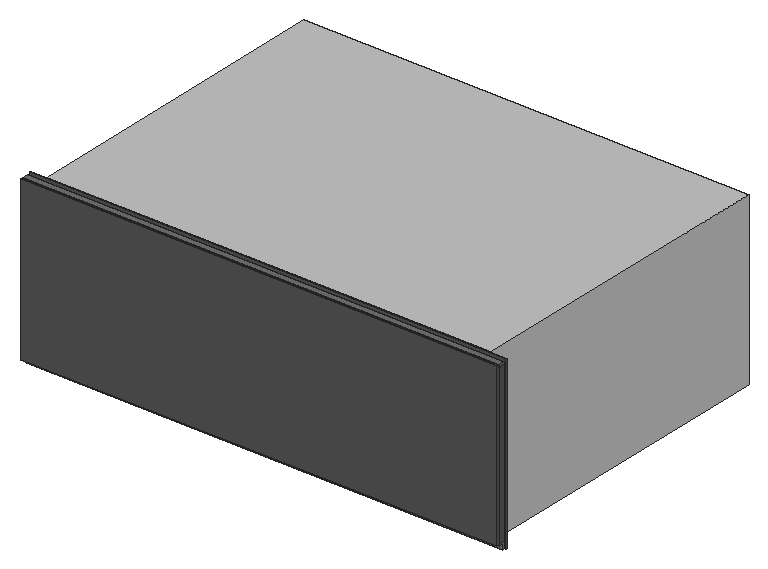
Revit family "FP-Revit20-en-WB30S_VB30S_WarmingDrawer_VacuumSealDrawer-0-90005524A-US-CA", category Specialty Equipment, Revit 2020
Family settings
  Round Connector Dimension = Use Diameter
  Part Type = Normal
  OmniClass Number = 23.40.40.14.17.31
  OmniClass Title = Small Specialized Cooking Equipment
  Work Plane-Based = No
  Always vertical = Yes
  Cut with Voids When Loaded = Yes
  Shared = No
  Room Calculation Point = No
Parameters (values of type "WB30SMB3")
  Visibility - Minimal/Contemporary/Professional/Integrated = yes
  Visibility - Integrated = no
  Visibility - Custom Panel [instance] = no
  Visibility - Clearance Required [instance] = yes
  Visibiity - Anti Tip Brackets Rear = no
  URL = "www.fisherpaykel.com"
  Type Comments = "Minimal, Black"
  Product - Width = 758 mm  # constant formula
  Product - Height = 271 mm  # constant formula
  Product - Depth (not incl handles) = 567 mm
  Panel - Width [instance] = 758 mm
  Panel - Material = none
  Panel - Lower Gap [instance] = 2 mm
  Panel - Height [instance] = 269 mm
  Panel - Depth [instance] = 19 mm
  Opening - Width = 762 mm  # constant formula
  Opening - Height = ([Product - Height])  # 271 mm
  Opening - Depth = ([Control Panel - Depth])  # 20 mm
  Model = "WB30SMB3"
  Material - Structure = Fisher & Paykel - Black
  Material - Front = Fisher & Paykel - Glass, Black
  Material - Clearance Required = Fisher & Paykel - Clearance Required
  Material - Body = Fisher & Paykel - Grey
  Manufacturer = "Fisher & Paykel Appliances"
  Keynote = ""
  Style - Front = 30in-76cm Drawer Fronts : 30in Front (Black) No Handle
  Description = "30\" Warming Drawer"
  Default Elevation = 0 mm
  Control Panel - Depth = 20 mm
  Connector Description - Electrical = "120 V, 60 Hz, 10 A circuit"  # constant formula
  Style - Chassis = 30in-76cm Drawer Chassis : Chassis Warmer - Minimal/Contemporary
  Cavity - Width = 724 mm  # constant formula
  Cavity - Height = ([Opening - Height])  # 271 mm
  Cavity - Depth = 580 mm  # constant formula
Types (10, lengths in mm): name | Visibility - Integrated | Visibility - Custom Panel | Visibiity - Anti Tip Brackets Rear | Type Comments | Product - Depth (not incl handles) | Panel - Material | Opening - Depth | Model | Material - Structure | Material - Front | Style - Front | Description | Control Panel - Depth | Style - Chassis
  WB30SPEX3 | no | no | no | "Professional, Stainless" | 567 | none | 24 | "WB30SPEX3" | Fisher & Paykel - Stainless Steel | Fisher & Paykel - Stainless Steel | 30in-76cm Drawer Fronts : 30in Front Professional | "30\" Warming Drawer" | 24 | 30in-76cm Drawer Chassis : Chassis Warmer - Professional
  WB30SMB3 | no | no | no | "Minimal, Black" | 567 | none | 20 | "WB30SMB3" | Fisher & Paykel - Black | Fisher & Paykel - Glass, Black | 30in-76cm Drawer Fronts : 30in Front (Black) No Handle | "30\" Warming Drawer" | 20 | 30in-76cm Drawer Chassis : Chassis Warmer - Minimal/Contemporary
  WB30SCX3 | no | no | no | "Contemporary, Stainless" | 567 | none | 20 | "WB30SCX3" | Fisher & Paykel - Black | Fisher & Paykel - Glass, Brushed | 30in-76cm Drawer Fronts : 30in Front (Contemporary) No Handle | "30\" Warming Drawer" | 20 | 30in-76cm Drawer Chassis : Chassis Warmer - Minimal/Contemporary
  WB30SDEI3 | yes | yes | no | "Integrated" | 566 | Ash | 19 | "WB30SDEI3" | Fisher & Paykel - Stainless Steel | none | 30in-76cm Drawer Fronts : 30in Front (Integrated) | "30\" Warming Drawer" | 19 | 30in-76cm Drawer Chassis : Chassis Warmer - Integrated
  WB30SMG3 | no | no | no | "Minimal, Grey" | 567 | none | 20 | "WB30SMG3" | Fisher & Paykel - Black | Fisher & Paykel - Glass, Grey | 30in-76cm Drawer Fronts : 30in Front (Grey) No Handle | "30\" Warming Drawer" | 20 | 30in-76cm Drawer Chassis : Chassis Warmer - Minimal/Contemporary
  VB30SCX3 | no | no | yes | "Contemporary, Stainless" | 573 | none | 20 | "VB30SCX3" | Fisher & Paykel - Black | Fisher & Paykel - Glass, Brushed | 30in-76cm Drawer Fronts : 30in Front (Contemporary) No Handle | "30\" Vacuum Drawer" | 20 | 30in-76cm Drawer Chassis : Chassis Vacuum - Minimal/Contemporary
  VB30SDEI3 | yes | yes | yes | "Integrated" | 573 | Ash | 19 | "VB30SDEI3" | Fisher & Paykel - Stainless Steel | none | 30in-76cm Drawer Fronts : 30in Front (Integrated) | "30\" Vacum Drawer" | 19 | 30in-76cm Drawer Chassis : Chassis Vacuum - Integrated
  VB30SMB3 | no | no | no | "Minimal, Black" | 573 | none | 20 | "VB30SMB3" | Fisher & Paykel - Black | Fisher & Paykel - Glass, Black | 30in-76cm Drawer Fronts : 30in Front (Black) No Handle | "30\" Vacum Drawer" | 20 | 30in-76cm Drawer Chassis : Chassis Vacuum - Minimal/Contemporary
  VB30SMG3 | no | no | yes | "Minimal, Grey" | 573 | none | 20 | "VB30SMG3" | Fisher & Paykel - Black | Fisher & Paykel - Glass, Grey | 30in-76cm Drawer Fronts : 30in Front (Grey) No Handle | "30\" Vacuum Drawer" | 20 | 30in-76cm Drawer Chassis : Chassis Vacuum - Minimal/Contemporary
  VB30SPEX3 | no | no | yes | "Professional, Stainless" | 573 | none | 24 | "VB30SPEX3" | Fisher & Paykel - Stainless Steel | Fisher & Paykel - Stainless Steel | 30in-76cm Drawer Fronts : 30in Front Professional | "30\" Vacuum Drawer" | 24 | 30in-76cm Drawer Chassis : Chassis Vacuum - Professional
Reference planes
  plane 1 "Datum": y = 0
  plane 2: z = 0
  plane 3 "Center (Left/Right)": x = 0
  plane 4 "Product - LHS": x = -379
  plane 5 "Product - RHS": x = 379
  plane 6 "Product - Depth": y = 547
  plane 7 "Opening - LHS": x = -381
  plane 8 "Opening - RHS": x = 381
  plane 9 "Cavity - Depth": y = 580
  plane 10 "Product - Height": z = 271
  plane 11 "Front": y = -20
  plane 12 "Opening - Height": z = 271
  plane 13 "Cavity - LHS": x = -362
  plane 14 "Cavity - RHS": x = 362
  plane 15 "Bottom": z = 0
  plane 16 "Chassis - Height": z = 271
  plane 17 "Cavity - Height": z = 271
Forms (mm)
  Extrusion 1, solid, material "Fisher & Paykel - Clearance Required" <- "Material - Clearance Required", visible <- "Visibility - Clearance Required", detail levels coarse
    sketch origin (0, 0, -1.695) x (0, 1, 0) y (0, 0, 1)
      loop
        line (0, 272.695) -> (0, 1.695) -> (580, 1.695) -> (580, 272.695) -> (0, 272.695)
    from -362 to 362
  Extrusion 2, void
    sketch origin (0, 0, -1.695) x (0, 1, 0) y (0, 0, 1)
      loop
        line (0, 272.695) -> (0, 1.695) -> (580, 1.695) -> (580, 272.695) -> (0, 272.695)
    from -362 to 362
  Extrusion 3, solid, material "Fisher & Paykel - Clearance Required" <- "Material - Clearance Required", visible <- "Visibility - Clearance Required", detail levels coarse
    sketch origin (0, 0, 0) x (0, 1, 0) y (0, 0, 1)
      loop
        line (0, 0) -> (0, 271) -> (-430, 271) -> (-430, 0) -> (0, 0)
    from -381 to 381
  Extrusion 4, void
    sketch origin (0, 0, 0) x (0, 1, 0) y (0, 0, 1)
      loop
        line (0, 0) -> (0, 271) -> (-20, 271) -> (-20, 0) -> (0, 0)
    from -381 to 381
  Extrusion 5, solid, material <- "Panel - Material", visible <- "Visibility - Custom Panel"
    sketch origin (0, 0, 0) x (1, 0, 0) y (0, 0, 1)
      loop
        line (-379, 271) -> (-379, 2) -> (379, 2) -> (379, 271) -> (-379, 271)
    from 20 to 39
Text (mm)
  text "Due to ongoing product development, product details are subject to change without notice. \nPlease always refer to www.fisherpaykel.com for the most current product information. \n© Fisher & Paykel 2020" at (41.04, -459.323, 0), in view "Ref. Level (Plan)"
Dimensions and locks
  equal spacing: plane 4 "Product - LHS", plane 3 "Center (Left/Right)", plane 5 "Product - RHS"
  equal spacing: plane 7 "Opening - LHS", plane 3 "Center (Left/Right)", plane 8 "Opening - RHS"
  "Product - Width": plane 4 "Product - LHS" to plane 5 "Product - RHS"
  equal spacing: Extrusion 1, plane 3 "Center (Left/Right)", Extrusion 1
  "Opening - Width": plane 7 "Opening - LHS" to plane 8 "Opening - RHS"
  "Control Panel - Depth": plane 1 "Datum" to plane 11 "Front"
  equal spacing: plane 13 "Cavity - LHS", plane 3 "Center (Left/Right)", plane 14 "Cavity - RHS"
  "Cavity - Width": plane 13 "Cavity - LHS" to plane 14 "Cavity - RHS"
  level to plane 15 "Bottom" = 0 mm
  "Product - Height": plane 10 "Product - Height" to plane 15 "Bottom"
  locked: plane 16 "Chassis - Height" to plane 15 "Bottom" at 271
  "Opening - Height": plane 12 "Opening - Height" to plane 15 "Bottom"
  "Cavity - Height": plane 17 "Cavity - Height" to plane 15 "Bottom"
  equal spacing: Extrusion 5 sketch curve, plane 3 "Center (Left/Right)", Extrusion 5 sketch curve
  Extrusion 5 to Extrusion 5 = 758 mm
  "Panel - Height": Extrusion 5 to Extrusion 5
  "Panel - Lower Gap": Extrusion 5 to plane 15 "Bottom"
  "Panel - Depth": plane 11 "Front" to Extrusion 5
  "Panel - Width": Extrusion 5 to Extrusion 5
  nested 2 to plane 1 "Datum" = 20 mm
  locked: plane 11 "Front" to Extrusion 3 at 410
  "Product - Depth (not incl handles)": plane 6 "Product - Depth" to plane 11 "Front"
  "Cavity - Depth": plane 1 "Datum" to plane 9 "Cavity - Depth"
  aligned and locked: level to plane 2
  aligned and locked: plane 9 "Cavity - Depth" to Extrusion 1 sketch curve
  aligned and locked: plane 7 "Opening - LHS" to Extrusion 3
  aligned and locked: Extrusion 3 to plane 8 "Opening - RHS"
  aligned and locked: Extrusion 2 to Extrusion 1
  aligned and locked: plane 12 "Opening - Height" to Extrusion 4
  aligned and locked: plane 7 "Opening - LHS" to Extrusion 4
  aligned and locked: plane 8 "Opening - RHS" to Extrusion 3
  aligned and locked: Extrusion 4 to plane 8 "Opening - RHS"
  aligned and locked: Extrusion 1 to Extrusion 2
  aligned and locked: plane 15 "Bottom" to Extrusion 2
  aligned and locked: plane 15 "Bottom" to Extrusion 4
  aligned and locked: Extrusion 3 to plane 15 "Bottom"
  aligned and locked: plane 14 "Cavity - RHS" to Extrusion 2
  aligned and locked: plane 13 "Cavity - LHS" to Extrusion 2
  aligned and locked: plane 17 "Cavity - Height" to Extrusion 1
  aligned and locked: plane 17 "Cavity - Height" to Extrusion 2
  aligned and locked: plane 15 "Bottom" to Extrusion 1
  aligned and locked: plane 3 "Center (Left/Right)" to nested 1
  aligned and locked: Extrusion 4 to plane 1 "Datum"
  aligned and locked: Extrusion 3 to plane 1 "Datum"
  aligned and locked: plane 11 "Front" to Extrusion 5
  aligned and locked: Extrusion 2 to plane 9 "Cavity - Depth"
  aligned and locked: plane 11 "Front" to nested 1
  aligned and locked: plane 3 "Center (Left/Right)" to nested 2
  aligned and locked: plane 10 "Product - Height" to Extrusion 3 sketch curve
Automatic sketch dimensions
  Extrusion 1 sketch curve to plane 1 "Datum" = 0 mm
  Extrusion 2 sketch curve to plane 1 "Datum" = 0 mm
  Extrusion 2 sketch curve to plane 9 "Cavity - Depth" = 0 mm
  Extrusion 4 sketch curve to plane 1 "Datum" = 0 mm
  plane 10 "Product - Height" to Extrusion 4 sketch curve = 0 mm
  Extrusion 4 sketch curve to plane 11 "Front" = 0 mm
  plane 10 "Product - Height" to Extrusion 1 sketch curve = 0 mm
  plane 10 "Product - Height" to Extrusion 2 sketch curve = 0 mm
  plane 15 "Bottom" to Extrusion 1 sketch curve = 0 mm
  plane 15 "Bottom" to Extrusion 2 sketch curve = 0 mm
  plane 15 "Bottom" to Extrusion 4 sketch curve = 0 mm
  Extrusion 5 sketch curve to plane 12 "Opening - Height" = 269 mm
  Extrusion 5 sketch curve to Extrusion 5 sketch curve = 269 mm
  Extrusion 5 sketch curve to plane 7 "Opening - LHS" = 2 mm
  Extrusion 3 sketch curve to level = 0 mm
  Extrusion 3 sketch curve to plane 1 "Datum" = 0 mm
  Extrusion 3 sketch curve to plane 11 "Front" = 410 mm
Nested families
  nested 1: "30in-76cm Drawer Fronts" at (0, 0, 0), visible <- "Visibility - Minimal/Contemporary/Professional/Integrated", type <- "Style - Front", type "30in Front (Black) No Handle"
  nested 2: "30in-76cm Drawer Chassis" at (0, 0, 0), type <- "Style - Chassis", type "Chassis Warmer - Minimal/Contemporary"
Connectors
  electrical at (143.5, 537.408, 233), driven by "Connector Description - Electrical"
    settings: on nested 2, index 1, voltage 120 V, apparent load 0 VA, apparent load phase1 0 VA, apparent load phase2 0 VA, apparent load phase3 0 VA, power factor 1, load classification "Other", number of poles 1, system type 30, power factor state 1, is connector primary yes, connector utility no, sub classification motor no, connector description "120 V, 60 Hz, 10 A circuit"
Definition of nested family "30in-76cm Drawer Fronts"
  Parameters (values of type "30in Front Professional")
    Visibility - Professional = yes
    Visibility - Integrated = no
    Visibility - Contemporary and Minimal = no
    Visibility - Coarse Door Front = yes
    URL = "www.fisherpaykel.com"
    Product - Width = 758 mm  # constant formula
    Product - Height = 271 mm  # constant formula
    Model = ""
    Material - Trim = none
    Material - Structure = none
    Material - Handle = none
    Material - Front = none
    Material - Body = none
    Manufacturer = "Fisher & Paykel Appliances"
    Keynote = ""
    Handle - Length = 737 mm  # constant formula
    Handle - Height = ([Product - Height] - 22 mm)  # 249 mm
    Gap Lower - Height = 12 mm  # constant formula
    Door - Height = 257 mm  # constant formula
    Door - Depth = 14 mm
    Description = ""
    Default Elevation = 0 mm
    Control Panel - Depth = 24 mm
  Types (5, lengths in mm): name | Visibility - Professional | Visibility - Integrated | Visibility - Contemporary and Minimal | Visibility - Coarse Door Front | Door - Depth | Control Panel - Depth
    30in Front Professional | yes | no | no | yes | 14 | 24
    30in Front (Grey) No Handle | no | no | yes | yes | 14 | 20
    30in Front (Black) No Handle | no | no | yes | yes | 14 | 20
    30in Front (Contemporary) No Handle | no | no | yes | yes | 14 | 20
    30in Front (Integrated) | no | yes | no | no | 12 | 19
  Reference planes
    plane 1 "Datum": y = 0
    plane 2: z = 0
    plane 3 "Center (Left/Right)": x = 0
    plane 4 "Product - Height": z = 271
    plane 5 "Front": y = -24
    plane 6 "Door - Bottom": z = 12
    plane 7 "Handle - Height": z = 249
    plane 8: x = 379
    plane 9: x = -379
    plane 10 "Door - Top": z = 269
    plane 11 "Door - Depth": y = -10
  Forms (mm)
    Extrusion 1, solid, material <- "Material - Front", visible <- "Visibility - Professional", detail levels fine
      sketch origin (0, 0, 0) x (0, 1, 0) y (0, 0, 1)
        loop
          line (-24, 12) -> (-10, 12) -> (-10, 266) -> (-24, 266) -> (-24, 12)
      from -379 to 379
    Extrusion 2, solid, material <- "Material - Trim", visible <- "Visibility - Professional", detail levels fine
      sketch origin (0, 0, 0) x (0, 1, 0) y (0, 0, 1)
        loop
          line (-24.65, 269) -> (-24.65, 266) -> (-10, 266) -> (-10, 269) -> (-24.65, 269)
      from -379 to 379
    Extrusion 3, solid, material <- "Material - Trim", visible <- "Visibility - Contemporary and Minimal", detail levels fine
      sketch origin (0, 0, 0) x (0, 1, 0) y (0, 0, 1)
        loop
          line (-10, 12) -> (-20.28, 12) -> (-18.6, 9.6) -> (-12, 9.6) -> (-12, 2) -> (-10, 2) -> (-10, 12)
      from -379 to 379
    Extrusion 4, solid, material <- "Material - Front", visible <- "Visibility - Coarse Door Front", detail levels coarse+medium
      sketch origin (0, 0, 0) x (0, 1, 0) y (0, 0, 1)
        loop
          line (-10, 8.6) -> (-10, 269) -> (-24, 269) -> (-24, 8.6) -> (-10, 8.6)
      from -379 to 379
    Extrusion 5, solid, material <- "Material - Front", visible <- "Visibility - Contemporary and Minimal", detail levels fine
      sketch origin (0, -24, 0) x (0, 0, 1) y (1, 0, 0)
        loop
          line (269, -379) -> (269, 379) -> (12, 379) -> (12, -379) -> (269, -379)
      from 0 to 4
    Extrusion 6, solid, material <- "Material - Structure", visible <- "Visibility - Contemporary and Minimal", detail levels fine
      sketch origin (0, 0, 0) x (0, 1, 0) y (0, 0, 1)
        loop
          line (-10, 266.5) -> (-20, 266.5) -> (-20, 12) -> (-10, 12) -> (-10, 266.5)
      from -379 to 379
    Extrusion 7, solid, material <- "Material - Trim", visible <- "Visibility - Contemporary and Minimal", detail levels fine
      sketch origin (0, 0, 0) x (0, 1, 0) y (0, 0, 1)
        loop
          line (-20, 266.5) -> (-10, 266.5) -> (-10, 269) -> (-20, 269) -> (-20, 266.5)
      from -379 to 379
    Extrusion 8, solid, material <- "Material - Trim", visible <- "Visibility - Professional", detail levels fine
      sketch origin (0, 0, 0) x (0, 1, 0) y (0, 0, 1)
        loop
          line (-13.25, 2) -> (-10, 2) -> (-10, 12) -> (-24, 12) -> (-24, 10.743) -> (-21.857, 8.6) -> (-13.25, 8.6) -> (-13.25, 2)
      from -379 to 379
    Extrusion 9, solid, material <- "Material - Front", visible <- "Visibility - Integrated", detail levels fine
      sketch origin (0, -24, 0) x (0, 0, 1) y (1, 0, 0)
        loop
          line (269, -350) -> (269, 350) -> (12, 350) -> (12, -350) -> (269, -350)
        loop
          line (12.609, 349) -> (12.609, -349) -> (267.505, -349) -> (267.505, 349) -> (12.609, 349)
        loop
          line (246.995, -282.5) -> (246.995, -253.5) -> (227.495, -253.5) -> (227.495, -282.5) -> (246.995, -282.5)
        loop
          line (146.495, -288.5) -> (146.495, -253.5) -> (131.495, -253.5) -> (131.495, -288.5) -> (146.495, -288.5)
        loop
          line (51.495, -288.5) -> (51.495, -253.5) -> (36.495, -253.5) -> (36.495, -288.5) -> (51.495, -288.5)
        loop
          line (51.495, -20.5) -> (51.495, 14.5) -> (36.495, 14.5) -> (36.495, -20.5) -> (51.495, -20.5)
        loop
          line (146.495, -20.5) -> (146.495, 14.5) -> (131.495, 14.5) -> (131.495, -20.5) -> (146.495, -20.5)
        loop
          line (242.495, -20.5) -> (242.495, 14.5) -> (227.495, 14.5) -> (227.495, -20.5) -> (242.495, -20.5)
        loop
          line (242.495, 282.5) -> (227.495, 282.5) -> (227.495, 247.5) -> (242.495, 247.5) -> (242.495, 282.5)
        loop
          line (146.495, 282.5) -> (131.495, 282.5) -> (131.495, 247.5) -> (146.495, 247.5) -> (146.495, 282.5)
        loop
          line (55.995, 282.5) -> (36.495, 282.5) -> (36.495, 253.5) -> (55.995, 253.5) -> (55.995, 282.5)
      from 0 to 14
    Extrusion 10, solid, material <- "Material - Front", visible <- "Visibility - Integrated", detail levels fine
      sketch origin (0, -24, 0) x (0, 0, 1) y (1, 0, 0)
        loop
          line (267.505, -349) -> (267.505, 349) -> (12.609, 349) -> (12.609, -349) -> (267.505, -349)
      from 9 to 14
    Extrusion 11, solid, material <- "Material - Front", visible <- "Visibility - Integrated", detail levels coarse+medium
      sketch origin (0, -24, 0) x (0, 0, 1) y (1, 0, 0)
        loop
          line (269, -350) -> (269, 350) -> (12, 350) -> (12, -350) -> (269, -350)
      from 0 to 14
  Cuts and joins
    joined: Extrusion 9, Extrusion 10
  Dimensions and locks
    "Control Panel - Depth": plane 1 "Datum" to plane 5 "Front"
    "Product - Height": plane 4 "Product - Height" to level
    "Handle - Height": plane 7 "Handle - Height" to level
    "Gap Lower - Height": plane 6 "Door - Bottom" to level
    equal spacing: plane 9, plane 3 "Center (Left/Right)", plane 8
    "Product - Width": plane 9 to plane 8
    "Door - Height": plane 6 "Door - Bottom" to plane 10 "Door - Top"
    locked: Extrusion 2 to plane 10 "Door - Top" at 3
    locked: plane 6 "Door - Bottom" to Extrusion 4 sketch curve at 3.4
    locked: plane 5 "Front" to Extrusion 5 at 4
    locked: plane 6 "Door - Bottom" to Extrusion 3 at 10
    "Door - Depth": plane 11 "Door - Depth" to plane 5 "Front"
    Extrusion 10 to plane 11 "Door - Depth" = 5 mm
    locked: cut or joined group of Extrusion 9, Extrusion 10 to plane 11 "Door - Depth" at 5
    aligned and locked: level to plane 2
    aligned and locked: nested 1 to plane 5 "Front"
    aligned and locked: plane 7 "Handle - Height" to nested 1
    aligned and locked: Extrusion 1 to plane 9
    aligned and locked: plane 8 to Extrusion 1
    aligned and locked: Extrusion 1 to plane 5 "Front"
    aligned and locked: Extrusion 3 to plane 9
    aligned and locked: Extrusion 2 to plane 9
    aligned and locked: plane 8 to Extrusion 2
    aligned and locked: plane 8 to Extrusion 3
    aligned and locked: Extrusion 1 to plane 11 "Door - Depth"
    aligned and locked: Extrusion 3 to plane 11 "Door - Depth"
    aligned and locked: Extrusion 2 to plane 11 "Door - Depth"
    aligned and locked: Extrusion 1 to Extrusion 2
    aligned and locked: plane 10 "Door - Top" to Extrusion 4 sketch curve
    aligned and locked: plane 11 "Door - Depth" to Extrusion 4 sketch curve
    aligned and locked: plane 5 "Front" to Extrusion 4 sketch curve
    aligned and locked: Extrusion 4 to plane 9
    aligned and locked: plane 8 to Extrusion 4
    aligned and locked: Extrusion 5 to plane 5 "Front"
    aligned and locked: Extrusion 6 sketch curve to Extrusion 5
    aligned and locked: Extrusion 6 sketch curve to plane 11 "Door - Depth"
    aligned and locked: Extrusion 6 sketch curve to plane 6 "Door - Bottom"
    aligned and locked: Extrusion 7 to plane 9
    aligned and locked: plane 8 to Extrusion 7
    aligned and locked: Extrusion 8 to plane 9
    aligned and locked: plane 8 to Extrusion 8
    aligned and locked: Extrusion 9 to plane 11 "Door - Depth"
    aligned and locked: Extrusion 9 to plane 5 "Front"
    aligned and locked: Extrusion 10 to plane 11 "Door - Depth"
    aligned and locked: Extrusion 10 sketch curve to Extrusion 9  (x4)
    aligned and locked: Extrusion 11 sketch curve to cut or joined group of Extrusion 9, Extrusion 10  (x4)
    aligned and locked: Extrusion 11 to plane 11 "Door - Depth"
    aligned and locked: Extrusion 11 to plane 5 "Front"
  Automatic sketch dimensions
    Extrusion 1 sketch curve to plane 6 "Door - Bottom" = 0 mm
    Extrusion 1 sketch curve to Extrusion 1 sketch curve = 14 mm
    Extrusion 1 sketch curve to plane 5 "Front" = 0 mm
    plane 7 "Handle - Height" to Extrusion 1 sketch curve = 17 mm
    plane 10 "Door - Top" to Extrusion 2 sketch curve = 0 mm
    Extrusion 2 sketch curve to plane 5 "Front" = 0.65 mm
    plane 10 "Door - Top" to Extrusion 2 sketch curve = 3 mm
    plane 1 "Datum" to Extrusion 2 sketch curve = 10 mm
    Extrusion 5 sketch curve to plane 9 = 0 mm
    plane 6 "Door - Bottom" to Extrusion 5 sketch curve = 0 mm
    Extrusion 3 sketch curve to plane 6 "Door - Bottom" = 0 mm
    Extrusion 3 sketch curve to plane 11 "Door - Depth" = 0 mm
    Extrusion 3 sketch curve to Extrusion 3 sketch curve = 2 mm
    plane 5 "Front" to Extrusion 3 sketch curve = 3.72 mm
    level to Extrusion 3 sketch curve = 2 mm
    Extrusion 3 sketch curve to Extrusion 3 sketch curve = 1.68 mm
    Extrusion 3 sketch curve to plane 6 "Door - Bottom" = 2.4 mm
    plane 10 "Door - Top" to Extrusion 6 sketch curve = 2.5 mm
    plane 10 "Door - Top" to Extrusion 7 sketch curve = 0 mm
    Extrusion 7 sketch curve to plane 11 "Door - Depth" = 0 mm
    plane 5 "Front" to Extrusion 7 sketch curve = 4 mm
    Extrusion 7 sketch curve to Extrusion 7 sketch curve = 2.5 mm
    Extrusion 8 sketch curve to plane 5 "Front" = 0 mm
    Extrusion 8 sketch curve to plane 11 "Door - Depth" = 0 mm
    Extrusion 8 sketch curve to plane 6 "Door - Bottom" = 0 mm
    Extrusion 8 sketch curve to plane 6 "Door - Bottom" = 1.257 mm
    level to Extrusion 8 sketch curve = 2 mm
    plane 5 "Front" to Extrusion 8 sketch curve = 2.143 mm
    plane 11 "Door - Depth" to Extrusion 8 sketch curve = 3.25 mm
    Extrusion 8 sketch curve to Extrusion 8 sketch curve = 2.143 mm
    Extrusion 9 sketch curve to plane 6 "Door - Bottom" = 0 mm
    plane 6 "Door - Bottom" to Extrusion 9 sketch curve = 0.609 mm
    plane 6 "Door - Bottom" to Extrusion 9 sketch curve = 24.495 mm  (x3)
    Extrusion 9 sketch curve to Extrusion 9 sketch curve = 15 mm  (x5)
    Extrusion 9 sketch curve to Extrusion 9 sketch curve = 19.5 mm
    Extrusion 9 sketch curve to Extrusion 9 sketch curve = 80 mm  (x2)
    Extrusion 9 sketch curve to plane 3 "Center (Left/Right)" = 20.5 mm  (x3)
    Extrusion 9 sketch curve to Extrusion 9 sketch curve = 75.5 mm
    Extrusion 9 sketch curve to plane 7 "Handle - Height" = 21.505 mm  (x3)
    Extrusion 9 sketch curve to plane 7 "Handle - Height" = 6.505 mm  (x2)
    Extrusion 9 sketch curve to plane 7 "Handle - Height" = 2.005 mm
    plane 10 "Door - Top" to Extrusion 9 sketch curve = 1.495 mm
    plane 10 "Door - Top" to Extrusion 9 sketch curve = 0 mm
    plane 9 to Extrusion 9 sketch curve = 125.5 mm
    Extrusion 9 sketch curve to Extrusion 9 sketch curve = 0 mm  (x3)
    Extrusion 9 sketch curve to Extrusion 9 sketch curve = 29 mm  (x2)
    Extrusion 9 sketch curve to Extrusion 9 sketch curve = 35 mm  (x4)
    plane 9 to Extrusion 9 sketch curve = 30 mm
    Extrusion 9 sketch curve to Extrusion 9 sketch curve = 1 mm  (x2)
    plane 3 "Center (Left/Right)" to Extrusion 9 sketch curve = 14.5 mm  (x3)
    Extrusion 9 sketch curve to plane 8 = 131.5 mm
    Extrusion 9 sketch curve to Extrusion 9 sketch curve = 6 mm
    Extrusion 9 sketch curve to plane 8 = 30 mm
    Extrusion 5 sketch curve to plane 10 "Door - Top" = 0 mm
    Extrusion 5 sketch curve to plane 8 = 0 mm
  Nested families
    nested 1: "F&P Handle - Professional Round Flush" at (0, -24, 249), visible <- "Visibility - Professional", type "Professional Round Flush Handle"
  Definition of nested family "F&P Handle - Professional Round Flush"
    Parameters (values of type "Professional Round Flush Handle")
      URL = "www.fisherpaykel.com"
      Material - Handle = none
      Manufacturer = "Fisher & Paykel Appliances"
      Handle - Length = 737 mm
      Default Elevation = 0 mm
    Reference planes
      plane 1 "Center (Front/Back)": y = 0
      plane 2: z = 0
      plane 3 "Center (Left/Right)": x = 0
      plane 4 "Product LHS": x = -368.5
      plane 5 "Product RHS": x = 368.5
      plane 6 "LHS Standoff": x = -308.5
      plane 7 "RHS Standoff": x = 308.5
      plane 8 "Off-Centre Height": z = -2
    Forms (mm)
      Extrusion 1, solid, material <- "Material - Handle", detail levels fine
        sketch origin (0, 0, 0) x (0, 1, 0) y (0, 0, 1)
          loop
            line (0, 12.8) -> (-45.117, 12.8)
            arc (-45.117, 12.8) -> (-57.807, 1.671) -> (-48.43, -12.364) r 12.8
            line (-48.43, -12.364) -> (0, -25.341) -> (0, 12.8)
        from 308.5 to 368.5
      Extrusion 2, solid, material <- "Material - Handle"
        sketch origin (0, 0, 0) x (0, 1, 0) y (0, 0, 1)
          loop
            circle (-45.117, 0) r 12.8
        from -308.5 to 308.5
      Sweep 3, void
        path origin (368.5, 0, 0) x (0, -1, 0) y (0, 0, 1)
          loop
            line (-1, 12.8) -> (45.117, 12.8)
            arc (45.117, 12.8) -> (57.807, 1.671) -> (48.43, -12.364) r 12.8
            line (48.43, -12.364) -> (-1, -25.609)
        profile origin (368.5, -22.058, 12.8) x (0, 0, 1) y (-1, 0, 0)
          loop
            line (1, -1) -> (1, 2.6) -> (-2.6, -1) -> (1, -1)
      Extrusion 4, solid, material <- "Material - Handle", detail levels fine
        sketch origin (0, 0, 0) x (0, 1, 0) y (0, 0, -1)
          loop
            line (0, -12.8) -> (0, 25.341) -> (-48.43, 12.364)
            arc (-48.43, 12.364) -> (-57.807, -1.671) -> (-45.117, -12.8) r 12.8
            line (-45.117, -12.8) -> (0, -12.8)
        from 308.5 to 368.5
      Extrusion 5, solid, material <- "Material - Handle", detail levels coarse+medium
        sketch origin (0, 0, 0) x (0, 1, 0) y (0, 0, 1)
          loop
            line (0, 12.8) -> (-45.117, 12.8)
            arc (-45.117, 12.8) -> (-57.807, 1.671) -> (-48.43, -12.364) r 12.8
            line (-48.43, -12.364) -> (0, -25.341) -> (0, 12.8)
        from 308.5 to 368.5
      Extrusion 6, solid, material <- "Material - Handle", detail levels coarse+medium
        sketch origin (0, 0, 0) x (0, 1, 0) y (0, 0, -1)
          loop
            line (0, -12.8) -> (0, 25.341) -> (-48.43, 12.364)
            arc (-48.43, 12.364) -> (-57.807, -1.671) -> (-45.117, -12.8) r 12.8
            line (-45.117, -12.8) -> (0, -12.8)
        from 308.5 to 368.5
      Sweep 7, void
        path in 3D
          loop
            line (-368.5, 2.632, -26.046) -> (-368.5, -48.43, -12.364)
            arc (-368.5, -48.43, -12.364) -> (-368.5, -57.807, 1.671) -> (-368.5, -45.117, 12.8) r 12.8
            line (-368.5, -45.117, 12.8) -> (-368.5, 2.187, 12.8)
        profile origin (-368.5, -21.465, 12.8) x (-1, 0, 0) y (0, 0, 1)
          loop
            line (1, 1) -> (-2.6, 1) -> (1, -2.6) -> (1, 1)
    Cuts and joins
      Sweep 3 cuts Extrusion 1
      Sweep 7 cuts Extrusion 4
      Sweep 7 cuts Extrusion 6
    Lines and regions (mm)
      sketch lines
        curve 1: line (-368.5, -45.117, 12.8) -> (-368.5, 2.187, 12.8)
        curve 2: arc (-368.5, -45.117, 12.8) -> (-368.5, -57.807, 1.671) -> (-368.5, -48.43, -12.364) r 12.8
        curve 3: line (-368.5, 2.632, -26.046) -> (-368.5, -48.43, -12.364)
    Dimensions and locks
      equal spacing: plane 4 "Product LHS", plane 3 "Center (Left/Right)", plane 5 "Product RHS"
      "Handle - Length": plane 4 "Product LHS" to plane 5 "Product RHS"
      plane 7 "RHS Standoff" to plane 5 "Product RHS" = 60 mm
      plane 4 "Product LHS" to plane 6 "LHS Standoff" = 60 mm
      locked: level to plane 8 "Off-Centre Height" at 2
      aligned and locked: level to plane 2
      aligned and locked: Extrusion 1 to plane 5 "Product RHS"
      aligned and locked: Extrusion 1 to plane 7 "RHS Standoff"
      aligned and locked: plane 6 "LHS Standoff" to Extrusion 4
      aligned and locked: plane 4 "Product LHS" to Extrusion 4
      aligned and locked: plane 7 "RHS Standoff" to Extrusion 2
      aligned and locked: Extrusion 2 to plane 6 "LHS Standoff"
      aligned and locked: plane 6 "LHS Standoff" to Extrusion 6
      aligned and locked: plane 4 "Product LHS" to Extrusion 6
      aligned and locked: Extrusion 5 to plane 7 "RHS Standoff"
      aligned and locked: Extrusion 5 to plane 5 "Product RHS"
    Automatic sketch dimensions
      Extrusion 1 sketch curve to level = 0 mm
      Extrusion 1 sketch curve to plane 1 "Center (Front/Back)" = 0 mm
      plane 1 "Center (Front/Back)" to Extrusion 1 sketch curve = 45.117 mm
      Extrusion 1 sketch curve to level = 12.364 mm
      Extrusion 1 sketch curve to Extrusion 1 sketch curve = 3.313 mm
      Extrusion 1 sketch curve to level = 25.341 mm
      Sweep 3 sketch curve to level = 0 mm
      plane 1 "Center (Front/Back)" to Sweep 3 sketch curve = 45.117 mm
      Sweep 3 sketch curve to level = 12.364 mm
      Sweep 3 sketch curve to Sweep 3 sketch curve = 3.313 mm
      Sweep 3 sketch curve to plane 1 "Center (Front/Back)" = 1 mm  (x2)
      Sweep 3 sketch curve to level = 25.609 mm
      Sweep 3 sketch curve to plane 5 "Product RHS" = 1 mm
      profile plane to Sweep 3 sketch curve = 2.6 mm
      Sweep 3 sketch curve to profile plane = 1 mm
      plane 5 "Product RHS" to Sweep 3 sketch curve = 2.6 mm
      Extrusion 4 sketch curve to level = 0 mm
      Extrusion 4 sketch curve to plane 1 "Center (Front/Back)" = 0 mm
      plane 1 "Center (Front/Back)" to Extrusion 4 sketch curve = 45.117 mm
      Extrusion 4 sketch curve to level = 12.364 mm
      Extrusion 4 sketch curve to Extrusion 4 sketch curve = 3.313 mm
      Extrusion 4 sketch curve to level = 25.341 mm
      Extrusion 5 sketch curve to level = 0 mm
      Extrusion 5 sketch curve to level = 12.364 mm
      plane 1 "Center (Front/Back)" to Extrusion 5 sketch curve = 48.43 mm
      level to Extrusion 5 sketch curve = 12.8 mm
      Extrusion 5 sketch curve to Extrusion 5 sketch curve = 45.117 mm
      Extrusion 5 sketch curve to level = 25.341 mm
      Extrusion 6 sketch curve to level = 0 mm
      Extrusion 6 sketch curve to level = 12.364 mm
      plane 1 "Center (Front/Back)" to Extrusion 6 sketch curve = 48.43 mm
      level to Extrusion 6 sketch curve = 12.8 mm
      Extrusion 6 sketch curve to Extrusion 6 sketch curve = 45.117 mm
      Extrusion 6 sketch curve to level = 25.341 mm
      Extrusion 2 sketch curve to level = 0 mm
      plane 1 "Center (Front/Back)" to Extrusion 2 sketch curve = 45.117 mm
      Sweep 7 sketch curve to profile plane = 1 mm
      profile plane to Sweep 7 sketch curve = 1 mm
      profile plane to Sweep 7 sketch curve = 2.6 mm
      Sweep 7 sketch curve to profile plane = 2.6 mm
      radius of Extrusion 2 sketch curve = 12.8 mm
Definition of nested family "30in-76cm Drawer Chassis"
  Parameters (values of type "Chassis Vacuum - Integrated")
    Visibility - Minimal/Contemporary/Professional = no
    Visibility - Integrated = yes
    Visibility - Anti Tip Bracket Rear = yes
    Upright - Depth = 2 mm
    URL = "www.fisherpaykel.com"
    Type Comments = ""
    Product - Width = 758 mm  # constant formula
    Product - Height = 271 mm  # constant formula
    Product - Depth = 580 mm  # constant formula
    Power - Offset = 17 mm
    Model = ""
    Material - Structure = none
    Material - Body = none
    Manufacturer = "Fisher & Paykel Appliances"
    Keynote = ""
    Description = ""
    Default Elevation = 0 mm
    Control Panel - Depth = 19 mm
    Chassis - Width = 707 mm  # constant formula
    Chassis - Height = ([Product - Height])  # 271 mm
    Chassis - Depth = 551 mm
  Types (6, lengths in mm): name | Visibility - Minimal/Contemporary/Professional | Visibility - Integrated | Visibility - Anti Tip Bracket Rear | Upright - Depth | Power - Offset | Control Panel - Depth | Chassis - Depth
    Chassis Warmer - Professional | yes | no | no | 6 | 150 | 24 | 547
    Chassis Warmer - Minimal/Contemporary | yes | no | no | 2 | 150 | 20 | 547
    Chassis Warmer - Integrated | no | yes | no | 2 | 150 | 19 | 547
    Chassis Vacuum - Minimal/Contemporary | yes | no | yes | 2 | 17 | 20 | 551
    Chassis Vacuum - Integrated | no | yes | yes | 2 | 17 | 19 | 551
    Chassis Vacuum - Professional | yes | no | yes | 6 | 17 | 24 | 551
  Reference planes
    plane 1 "Datum": y = 0
    plane 2: z = 0
    plane 3 "Center (Left/Right)": x = 0
    plane 4 "Product - LHS": x = -379
    plane 5 "Product - RHS": x = 379
    plane 6 "Product - Depth": y = 516
    plane 7 "Chassis - LHS": x = -353.5
    plane 8 "Chassis - RHS": x = 353.5
    plane 9 "Product - Height": z = 271
    plane 10 "Front": y = -19
    plane 11 "Bottom": z = 0
    plane 12: z = 2
    plane 13: y = -2
    plane 14 "Power": x = 336.5
    plane 15 "Power - Rear": y = 549
  Forms (mm)
    Extrusion 1, solid, material <- "Material - Body"
      sketch origin (0, 0, -15.866) x (0, 1, 0) y (0, 0, 1)
        loop
          line (0, 15.866) -> (516, 15.866) -> (516, 286.866) -> (0, 286.866) -> (0, 15.866)
      from -353.5 to 353.5
    Extrusion 2, solid, material <- "Material - Body", detail levels fine
      sketch origin (0, -0.625, 0) x (0, 1, 0) y (0, 0, 1)
        loop
          circle (542.033, 233) r 4
      from 237.5 to 276.5
    Extrusion 3, solid, material <- "Material - Body", detail levels medium+fine
      sketch origin (0, 0, 0) x (1, 0, 0) y (0, 1, 0)
        loop
          line (336.5, 549) -> (276.5, 549) -> (276.5, 532.391) -> (308.505, 532.391) -> (308.505, 516) -> (336.5, 516) -> (336.5, 549)
      from 224 to 243
    Extrusion 4, solid, material <- "Material - Structure", visible <- "Visibility - Integrated"
      sketch origin (0, 0, 0) x (1, 0, 0) y (0, 1, 0)
        loop
          line (361.005, 20) -> (361.005, 0) -> (-361.005, 0) -> (-361.005, 20) -> (-362, 20) -> (-362, -2) -> (362, -2) -> (362, 20) -> (361.005, 20)
      from 2 to 271
    Extrusion 5, solid, material <- "Material - Structure", visible <- "Visibility - Minimal/Contemporary/Professional"
      sketch origin (0, 0, 0) x (1, 0, 0) y (0, 1, 0)
        loop
          line (379, -2) -> (379, 0) -> (-379, 0) -> (-379, -2) -> (379, -2)
      from 0 to 271
    Extrusion 6, solid, material <- "Material - Body", detail levels medium+fine
      sketch origin (0, 0, 0) x (0, 1, 0) y (0, 0, 1)
        loop
          line (-10, 260.286) -> (-10, 11.05) -> (-2, 11.05) -> (-2, 260.286) -> (-10, 260.286)
      from -343 to 343
    Extrusion 7, solid, material <- "Material - Body", visible <- "Visibility - Anti Tip Bracket Rear", detail levels medium+fine
      sketch origin (0, 0, 0) x (1, 0, 0) y (0, 0, 1)
        loop
          line (361, 0) -> (362, 0) -> (362, 50) -> (353.5, 50) -> (353.5, 49) -> (361, 49) -> (361, 0)
        loop
          line (-361, 0) -> (-361, 49) -> (-353.5, 49) -> (-353.5, 50) -> (-362, 50) -> (-362, 0) -> (-361, 0)
      from -481.75 to -381.75
    Extrusion 8, void
      sketch origin (0, 0, 0) x (0, 1, 0) y (0, 0, 1)
        loop
          circle (406.75, 34) r 3.515
        loop
          circle (456.75, 34) r 3.515
      from -362 to 362
  Cuts and joins
    Extrusion 8 cuts Extrusion 7
  Text (mm)
    text "Due to ongoing product development, product details are subject to change without notice. \nPlease always refer to www.fisherpaykel.com for the most current product information. \n© Fisher & Paykel 2020" at (41.04, -459.323, 0), in view "Ref. Level (Plan)"
  Dimensions and locks
    equal spacing: plane 4 "Product - LHS", plane 3 "Center (Left/Right)", plane 5 "Product - RHS"
    equal spacing: plane 7 "Chassis - LHS", plane 3 "Center (Left/Right)", plane 8 "Chassis - RHS"
    "Product - Width": plane 4 "Product - LHS" to plane 5 "Product - RHS"
    "Control Panel - Depth": plane 1 "Datum" to plane 10 "Front"
    "Product - Height": plane 9 "Product - Height" to plane 11 "Bottom"
    "Chassis - Width": plane 7 "Chassis - LHS" to plane 8 "Chassis - RHS"
    locked: plane 11 "Bottom" to plane 12 at 2
    "Upright - Depth": plane 13 to plane 1 "Datum"
    plane 11 "Bottom" to Extrusion 2 sketch curve = 233 mm
    locked: plane 11 "Bottom" to Extrusion 3 at 224
    locked: plane 11 "Bottom" to Extrusion 3 at 243
    Extrusion 6 to plane 13 = 8 mm
    equal spacing: Extrusion 7, plane 3 "Center (Left/Right)", Extrusion 7
    locked: Extrusion 7 to Extrusion 7 at 724
    locked: Extrusion 3 to plane 14 "Power" at 60
    locked: Extrusion 3 to plane 14 "Power" at 27.995
    locked: Extrusion 2 to plane 14 "Power" at 99
    "Power - Offset": plane 14 "Power" to plane 8 "Chassis - RHS"
    "Chassis - Depth": plane 15 "Power - Rear" to plane 13
    plane 15 "Power - Rear" to plane 6 "Product - Depth" = 33 mm
    locked: Extrusion 8 sketch curve to Extrusion 8 sketch curve at 50
    locked: plane 13 to Extrusion 8 sketch curve at 408.75
    aligned and locked: level to plane 2
    aligned and locked: plane 7 "Chassis - LHS" to Extrusion 1
    aligned and locked: plane 8 "Chassis - RHS" to Extrusion 1
    aligned and locked: Extrusion 1 sketch curve to plane 11 "Bottom"
    aligned and locked: plane 6 "Product - Depth" to Extrusion 1
    aligned and locked: Extrusion 3 sketch curve to plane 6 "Product - Depth"
    aligned and locked: plane 12 to Extrusion 4
    aligned and locked: Extrusion 5 sketch curve to plane 4 "Product - LHS"
    aligned and locked: Extrusion 5 sketch curve to plane 5 "Product - RHS"
    aligned and locked: plane 1 "Datum" to Extrusion 5 sketch curve
    aligned and locked: Extrusion 4 sketch curve to plane 13
    aligned and locked: plane 1 "Datum" to Extrusion 4 sketch curve
    aligned and locked: plane 9 "Product - Height" to Extrusion 1
    aligned and locked: Extrusion 6 to plane 13
    aligned and locked: Extrusion 7 sketch curve to Extrusion 4
    aligned and locked: Extrusion 7 to Extrusion 8  (x2)
    aligned and locked: plane 14 "Power" to Extrusion 3
    aligned and locked: Extrusion 2 to Extrusion 3
    aligned and locked: plane 15 "Power - Rear" to Extrusion 3
  Automatic sketch dimensions
    Extrusion 1 sketch curve to plane 1 "Datum" = 0 mm
    Extrusion 1 sketch curve to plane 6 "Product - Depth" = 0 mm
    plane 3 "Center (Left/Right)" to Extrusion 3 sketch curve = 276.5 mm
    Extrusion 3 sketch curve to Extrusion 3 sketch curve = 32.005 mm
    Extrusion 3 sketch curve to Extrusion 3 sketch curve = 27.995 mm
    plane 6 "Product - Depth" to Extrusion 3 sketch curve = 16.391 mm
    plane 13 to Extrusion 5 sketch curve = 0 mm
    Extrusion 4 sketch curve to plane 1 "Datum" = 20 mm
    Extrusion 4 sketch curve to Extrusion 4 sketch curve = 20 mm
    Extrusion 3 sketch curve to Extrusion 3 sketch curve = 16.609 mm
    plane 6 "Product - Depth" to Extrusion 2 sketch curve = 25.408 mm
    plane 8 "Chassis - RHS" to Extrusion 4 sketch curve = 7.505 mm
    Extrusion 4 sketch curve to Extrusion 4 sketch curve = 0.995 mm  (x2)
    plane 7 "Chassis - LHS" to Extrusion 4 sketch curve = 7.505 mm
    Extrusion 1 sketch curve to plane 9 "Product - Height" = 0 mm
    Extrusion 6 sketch curve to plane 13 = 0 mm
    Extrusion 6 sketch curve to Extrusion 6 sketch curve = 8 mm
    Extrusion 6 sketch curve to plane 12 = 9.05 mm
    Extrusion 6 sketch curve to plane 9 "Product - Height" = 10.714 mm
    Extrusion 7 sketch curve to level = 0 mm  (x2)
    plane 7 "Chassis - LHS" to Extrusion 7 sketch curve = 0 mm
    Extrusion 7 sketch curve to plane 8 "Chassis - RHS" = 0 mm
    plane 7 "Chassis - LHS" to Extrusion 7 sketch curve = 7.5 mm
    Extrusion 7 sketch curve to Extrusion 7 sketch curve = 1 mm  (x4)
    Extrusion 7 sketch curve to plane 12 = 47 mm  (x2)
    Extrusion 8 sketch curve to plane 12 = 32 mm  (x2)
    radius of Extrusion 2 sketch curve = 4 mm
    radius of Extrusion 8 sketch curve = 3.515 mm  (x2)
